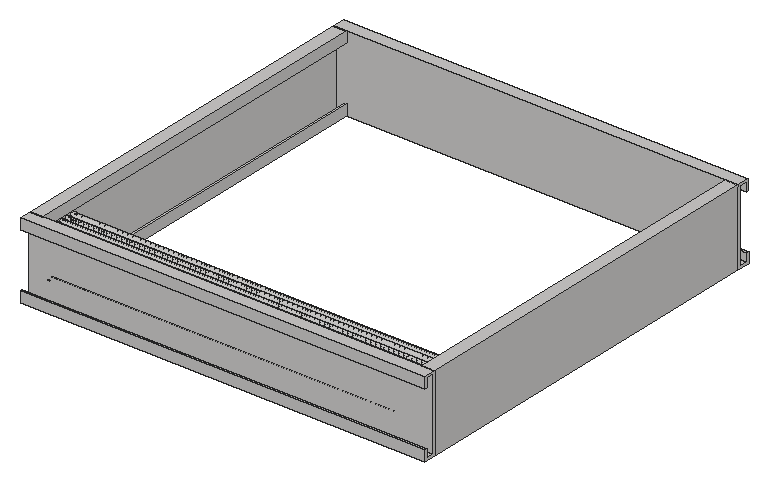
Revit family "Damper_Volume_Control-Carnes-Alum-Airfoil_Blade-FABA", category Duct Accessories, host Face, Revit 2012
Parameters (values of type "FABA")
  ecoScorecard_data = ""
  ecoScorecard Product Page = "http://ecoscorecard.com/"
  Width = 24"
  Warranty URL = "http://www.carnes.com/GeneralCatalogs/termcond.pdf"
  URL = "http://www.carnes.com/index.html"
  Subcategory = "Louvers and Dampers"  # constant formula
  Spec Sheet URL = "http://www.carnes.com/Louvers/pdf/17156.pdf"
  Product Page URL = "http://www.carnes.com/Louvers/FD.htm"
  Product Line = "Aluminum Airfoil Blade Control Damper with Optional Insulated Blade"  # constant formula
  Offset = 1"
  Model = "FABA"  # constant formula
  Minimum Size = "8\"W x 8\"H"
  Maximum Vertical Size = "60\"W x 72\"H (Single Section), Multi-section unlimited"
  Maximum System Velocity = 2000 FPM  # constant formula
  Maximum Size Note = ""
  Maximum Horinzontal Size = "60\"W x 72\"H (Single Section), Multi-section unlimited"
  Manufacturer Phone = "608-845-6411"  # constant formula
  Manufacturer Fax = "608-845-6470"  # constant formula
  Manufacturer Email = "mailto:carnes@carnes.com"
  Manufacturer Address = "448 S. Main St., P. O. Box 930040, Verona, WI 53593-0040"  # constant formula
  Manufacturer = "CARNES COMPANY"  # constant formula
  Installation and Maintenance URL = "http://www.carnes.com/FireDampers/pdf/40001.pdf"
  Height = 24"
  Free Area Note = "See Spec Sheet URL"  # constant formula
  Frame Material = Metal - Carnes - Steel - Galvanized
  Fire Closure Device = ""
  Duct Connector 2 = "Duct Connection 2"  # constant formula
  Duct Connector 1 = "Duct Connection 1"  # constant formula
  Description = "Aluminum Airfoil Blade Control Damper with Optional Insulated Blade"  # constant formula
  Depth = 4 1/2"
  Default Elevation = 0"
  Cost Info = "mailto:carnes@carnes.com"
  Catalog URL = "http://www.carnes.com/Louvers/pdf/f85-97.pdf"
  Blades Length = Actual Width - 1 1/2"  # 22 1/2"
  Blade Material = Metal - Carnes - Steel - Galvanized
  Assembly Code = "B2010300"
  Actual Width = if(Width < 6", 6", if(Width > 72", 72", Width))  # 24"
  Actual Height = if(Height < 6", 6", if(Height > 72", 72", Height))  # 24"
  95 CSI = "10200"  # constant formula
  04 CSI = "08 91 00"  # constant formula
Reference planes (in)
  plane 1 "Center (Front/Back)": y = 0
  plane 2: z = 0
  plane 3 "Center (Left/Right)": x = 0
  plane 4: x = -12
  plane 5: x = 12
  plane 6: y = 12
  plane 7: y = -12
  plane 8: y = -10.9375
  plane 9: x = -11.20993
  plane 10: x = 11.20993
  plane 11: z = -1.5
  plane 12: y = -11.47734
  plane 13: x = 10.20993
  plane 14: z = -3.375
  plane 15: z = -1
  plane 16: y = -9.48917
  plane 17: z = 0.09375
  plane 18: z = 3.5
  plane 19: z = -2.09375
  plane 20: z = -5.5
Forms (in)
  Extrusion 1, void
    sketch origin (0, 0, 0) x (1, 0, 0) y (0, 1, 0)
      loop
        line (12, -12) -> (12, 12) -> (-12, 12) -> (-12, -12) -> (12, -12)
    from 0 to -32.56442
  Sweep 2, solid, material "Metal - Carnes - Steel - Galvanized" <- "Frame Material", detail levels medium+fine
    path origin (0, -21.84066, -1) x (-1, 0, 0) y (0, -1, 0)
      loop
        line (-12, -33.09066) -> (-12, -10.59066)
    profile "Profile : Profile" origin (12, 0, -1) x (1, 0, 0) y (0, 0, 1)
      loop
        line (0, 2.25) -> (-0.75, 2.25) -> (-0.75, 1.625) -> (-0.625, 1.625) -> (-0.625, 2.125) -> (-0.125, 2.125) -> (-0.125, -2.125) -> (-0.625, -2.125) -> (-0.625, -1.625) -> (-0.75, -1.625) -> (-0.75, -2.25) -> (0, -2.25) -> (0, 2.25)
  Sweep 3, solid, material "Metal - Carnes - Steel - Galvanized" <- "Frame Material", detail levels coarse
    path origin (0, -21.84066, -1) x (-1, 0, 0) y (0, -1, 0)
      loop
        line (0, -9.84066) -> (0, -33.84066)
    profile origin (0, 0, -1) x (-1, 0, 0) y (0, 0, 1)
      loop
        line (-12, 2.25) -> (-12, -2.25) -> (12, -2.25) -> (12, 2.25) -> (-12, 2.25)
  Sweep 4, solid, material "Metal - Carnes - Steel - Galvanized" <- "Frame Material", detail levels medium+fine
    path origin (0, -21.84066, -1) x (-1, 0, 0) y (0, -1, 0)
      loop
        line (12, -33.09066) -> (12, -10.59066)
    profile "Profile : Profile" origin (-12, 0, -1) x (1, 0, 0) y (0, 0, 1)
      loop
        line (0, 2.25) -> (0, -2.25) -> (0.75, -2.25) -> (0.75, -1.625) -> (0.625, -1.625) -> (0.625, -2.125) -> (0.125, -2.125) -> (0.125, 2.125) -> (0.625, 2.125) -> (0.625, 1.625) -> (0.75, 1.625) -> (0.75, 2.25) -> (0, 2.25)
  Sweep 5, solid, material "Metal - Carnes - Steel - Galvanized" <- "Frame Material", detail levels medium+fine
    path origin (0, -21.84066, -1) x (-1, 0, 0) y (0, -1, 0)
      loop
        line (12, -9.84066) -> (-12, -9.84066)
    profile "Profile : Profile" origin (0, -12, -1) x (0, 1, 0) y (0, 0, 1)
      loop
        line (0.75, 2.25) -> (0, 2.25) -> (0, 1.625) -> (0.125, 1.625) -> (0.125, 2.125) -> (0.625, 2.125) -> (0.625, -2.125) -> (0.125, -2.125) -> (0.125, -1.625) -> (0, -1.625) -> (0, -2.25) -> (0.75, -2.25) -> (0.75, 2.25)
  Sweep 6, solid, material "Metal - Carnes - Steel - Galvanized" <- "Frame Material", detail levels medium+fine
    path origin (0, 20.34066, -1) x (1, 0, 0) y (0, 1, 0)
      loop
        line (-12, -8.34066) -> (12, -8.34066)
    profile "Profile : Profile" origin (0, 12, -1) x (0, 1, 0) y (0, 0, 1)
      loop
        line (-0.75, 2.25) -> (-0.75, -2.25) -> (0, -2.25) -> (0, -1.625) -> (-0.125, -1.625) -> (-0.125, -2.125) -> (-0.625, -2.125) -> (-0.625, 2.125) -> (-0.125, 2.125) -> (-0.125, 1.625) -> (0, 1.625) -> (0, 2.25) -> (-0.75, 2.25)
Lines and regions (in)
  symbolic lines, style "Damper"
    curve 1: line (12, 12, -1) -> (12, -12, -1)
    curve 2: line (-12, 12, -1) -> (12, 12, -1)
    curve 3: line (-12, -12, -1) -> (-12, 12, -1)
    curve 4: line (12, -12, -1) -> (-12, -12, -1)
  symbolic lines, style "Damper", detail levels medium+fine
    curve 5: line (12, 11.25, -1) -> (-12, 11.25, -1)
    curve 6: line (-11.25, 11.25, -1) -> (-11.25, -11.25, -1)
    curve 7: line (-12, -11.25, -1) -> (12, -11.25, -1)
    curve 8: line (11.25, -11.25, -1) -> (11.25, 11.25, -1)
Dimensions and locks (in)
  equal spacing: plane 7, plane 1 "Center (Front/Back)", plane 6
  equal spacing: plane 4, plane 3 "Center (Left/Right)", plane 5
  "Actual Width": plane 4 to plane 5
  "Actual Height": plane 6 to plane 7
  locked: plane 7 to plane 8 at 1.0625
  locked: plane 4 to plane 9 at 0.79007
  locked: plane 10 to plane 5 at 0.79007
  locked: plane 12 to plane 7 at 0.52266
  locked: plane 13 to plane 10 at 1
  locked: plane 14 to plane 15 at 2.375
  locked: plane 16 to plane 8 at 1.44833
  "Offset": level to plane 15
  locked: plane 17 to plane 18 at 3.40625
  locked: plane 15 to plane 17 at 1.09375
  locked: plane 15 to plane 19 at 1.09375
  locked: plane 19 to plane 20 at 3.40625
  equal spacing: Sweep 3 sketch curve, plane 3 "Center (Left/Right)", Sweep 3 sketch curve
  "Actual Width": Sweep 3 sketch curve to Sweep 3 sketch curve
  aligned and locked: plane 2 to host face
  aligned and locked: level to host face
  aligned and locked: plane 5 to Extrusion 1 sketch curve
  aligned and locked: plane 7 to Extrusion 1 sketch curve
  aligned and locked: Extrusion 1 sketch curve to plane 4
  aligned and locked: Extrusion 1 sketch curve to plane 6
  aligned and locked: Extrusion 1 to level
  aligned: nested 1 to plane 15  (x3)
  aligned: plane 12 to nested 1
  aligned and locked: plane 6 to Sweep 3 sketch curve
  aligned and locked: plane 7 to Sweep 3 sketch curve
  aligned and locked: plane 3 "Center (Left/Right)" to Sweep 3 sketch curve
  aligned: curve 8 to Sweep 2
  aligned: nested 1 to Sweep 2
  aligned and locked: plane 4 to Sweep 4 sketch curve
  aligned and locked: Sweep 5 sketch curve to plane 7
  aligned and locked: plane 4 to Sweep 5 sketch curve
  aligned and locked: plane 5 to Sweep 5 sketch curve
  aligned and locked: Sweep 5 to Sweep 4 sketch curve
  aligned and locked: nested 1 to Sweep 5
  aligned and locked: Sweep 2 sketch curve to Sweep 5
  aligned and locked: Sweep 6 sketch curve to plane 6
  aligned and locked: plane 5 to Sweep 6 sketch curve
  aligned and locked: plane 4 to Sweep 6 sketch curve
  aligned and locked: Sweep 6 to Sweep 2 sketch curve
  aligned and locked: Sweep 4 sketch curve to Sweep 6
  aligned and locked: curve 6 to Sweep 4
  aligned and locked: curve 7 to Sweep 5
  aligned and locked: curve 8 to Sweep 2
  aligned and locked: nested 1 to Sweep 4
  aligned and locked: Sweep 3 sketch curve to Sweep 5  (x2)
  aligned and locked: plane 15 to nested 1
  aligned and locked: curve 5 to Sweep 6
  aligned and locked: Sweep 3 to curve 5
  aligned and locked: curve 5 to Sweep 4
  aligned and locked: plane 15 to nested 2
  aligned and locked: nested 2 to nested 1
  aligned and locked: nested 3 to nested 2
  aligned and locked: plane 15 to nested 4
  aligned and locked: nested 3 to nested 4
  aligned and locked: nested 5 to nested 4
  aligned and locked: plane 15 to nested 5
  aligned and locked: nested 6 to nested 5
  aligned and locked: plane 15 to nested 6
  aligned and locked: plane 15 to nested 3
Automatic sketch dimensions
  host sketch curve to host sketch curve = 96"  (x2)
  Sweep 2 sketch curve to plane 5 = 0"
  curve 3 to plane 6 = 0"
  plane 7 to curve 3 = 0"
  curve 2 to plane 5 = 0"
Nested families (in)
  nested 1: "Blade" at (0, -11.25, -2.65552), type "Blades", detail levels fine
  nested 2: "Blade" at (0, -10.85234, -2.65552), type "Blades", detail levels fine
  nested 3: "Blade" at (0, -10.45467, -2.65552), type "Blades", detail levels fine
  nested 4: "Blade" at (0, -10.05701, -2.65552), type "Blades", detail levels fine
  nested 5: "Blade" at (0, -9.65935, -2.65552), type "Blades", detail levels fine
  nested 6: "Blade" at (0, -9.26169, -2.65552), type "Blades", detail levels fine
Connectors (in)
  hvac at (0, 0, 1.25), driven by "Actual Height", driven by "Actual Width", driven by "Duct Connector 1"
    settings: on Sweep 3, index 1, duct flow 0 CFM, flow factor 0, pres drop 0.00 in-wg, loss coef 0, conn angle 0.00°, conn width 24", conn height 24", conn radius 12", duct sys type 1, conn prof type 1, flow config 0, flow direction 0, loss method 0, conn ref index 2, conn util no, is conn primary yes, conn desc "Duct Connection 1"
  hvac at (0, 0, -3.25), driven by "Actual Height", driven by "Actual Width", driven by "Duct Connector 2"
    settings: on Sweep 3, index 2, duct flow 0 CFM, flow factor 0, pres drop 0.00 in-wg, loss coef 0, conn angle 0.00°, conn width 24", conn height 24", conn radius 12", duct sys type 1, conn prof type 1, flow config 0, flow direction 0, loss method 0, conn ref index 1, conn util no, is conn primary no, conn desc "Duct Connection 2"
Definition of nested family "Blade"
  Parameters (values of type "Blades")
    Width = 22 1/2"
    Unit = Metal - Carnes - Steel - Galvanized
    Assembly Code = ""
  Reference planes (in)
    plane 1 "Center (Front/Back)": y = 0
    plane 2: z = 0
    plane 3 "Center (Left/Right)": x = 0
    plane 4: x = -11.25
    plane 5: x = 11.25
    plane 6: z = 3.25
    plane 7: z = 0.12354
    plane 8: y = 0.39766
    plane 9: z = 3.1875
    plane 10: z = 1.65552
  Forms (in)
    Extrusion 1, solid, material "Metal - Carnes - Steel - Galvanized" <- "Unit"
      sketch origin (0, 0, 0.35938) x (0, 1, 0) y (0, 0, 1)
        loop
          arc (0.23008, 2.43293) -> (0.19883, 2.82812) -> (0.16758, 2.43293) r 0.19883
          line (0.16758, 2.43293) -> (0.16758, 0.15936)
          arc (0.16758, 0.15936) -> (0.19883, -0.23583) -> (0.23008, 0.15936) r 0.19883
          line (0.23008, 0.15936) -> (0.23008, 2.43293)
        loop
          circle (0.19883, -0.037) r 0.13633
        loop
          circle (0.19883, 2.62929) r 0.13633
      from -11.25 to 11.25
  Lines and regions (in)
    symbolic lines, style "Damper"
      curve 1: line (-11.25, 0.39763, 0) -> (11.25, 0.39763, 0)
      curve 2: line (11.25, 0, 0) -> (-11.25, 0, 0)
      curve 3: line (-11.25, 0, 0) -> (-11.25, 0.39763, 0)
      curve 4: line (11.25, 0, 0) -> (11.25, 0.39763, 0)
  Dimensions and locks (in)
    equal spacing: plane 4, plane 3 "Center (Left/Right)", plane 5
    "Width": plane 4 to plane 5
    plane 6 to level = 3 1/4"  (x2)
    locked: plane 6 to plane 9 at 0.0625
    aligned and locked: level to plane 2
    aligned and locked: plane 4 to Extrusion 1
    aligned and locked: plane 5 to Extrusion 1
    aligned and locked: curve 2 to plane 1 "Center (Front/Back)"
    aligned and locked: curve 3 to plane 4
    aligned and locked: plane 5 to curve 4
  Automatic sketch dimensions
    plane 8 to curve 3 = 0.00003"
    Extrusion 1 sketch curve to Extrusion 1 sketch curve = 0"  (x5)
    Extrusion 1 sketch curve to plane 1 "Center (Front/Back)" = 0.16758"
    Extrusion 1 sketch curve to Extrusion 1 sketch curve = 1/32"
    Extrusion 1 sketch curve to plane 1 "Center (Front/Back)" = 0.19883"
    Extrusion 1 sketch curve to plane 7 = 0.19883"
    Extrusion 1 sketch curve to Extrusion 1 sketch curve = 0.19636"  (x2)
    Extrusion 1 sketch curve to plane 9 = 0.39519"
    radius of Extrusion 1 sketch curve = 0.13633"  (x2)
